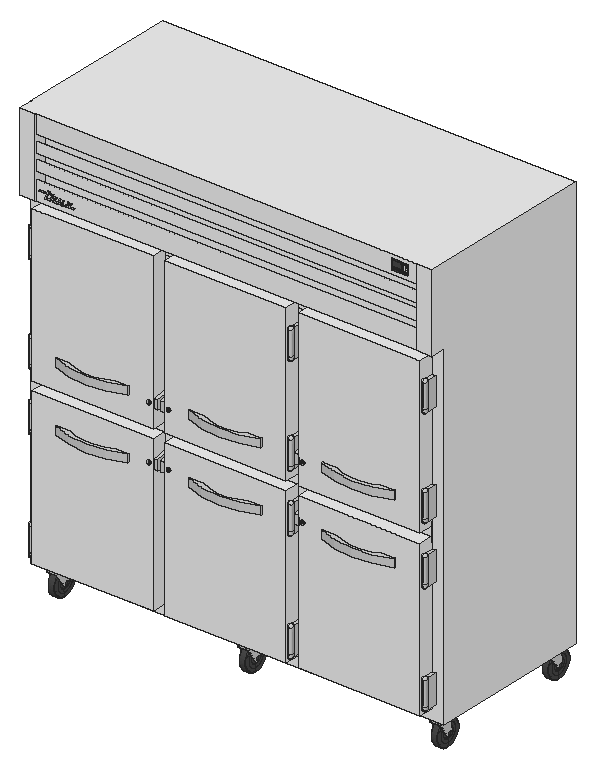
Revit family (continued)
Forms (in)
  Blend 98, solid, material "QF_Finishes_Handrails and Railings"
    base sketch origin (77.78125, 0, 70.99755) x (-1, 0, 0) y (0, 0, -1)
      loop
        line (25.25, 38.99169) -> (25.25, 37.24169) -> (26, 37.24169) -> (26, 38.99169) -> (25.25, 38.99169)
    top sketch origin (77.78125, 0, 70.99755) x (-1, 0, 0) y (0, 0, -1)
      loop
        line (26.18223, 36.6441) -> (26.18223, 39.42643) -> (25.25, 39.42643) -> (25.25, 36.6441) -> (26.18223, 36.6441)
    from 33.57883 to 31
  Extrusion 99, solid, material "QF_Finishes_Chrome - Satin"
    sketch origin (2.25, 0, 0) x (0, -1, 0) y (0, 0, -1)
      loop
        line (31, -39.875) -> (31, -36.125) -> (30, -36.125) -> (30, -39.875) -> (31, -39.875)
    from 0 to 73.25
Cuts and joins
  joined: Extrusion 1, Extrusion 2, Extrusion 3, Extrusion 4, Extrusion 5
  joined: Extrusion 57, Extrusion 99
Lines and regions (in)
  symbolic lines, style "SpecialityEquipmentHiddenLines", visible <- "Show Casters"
    curve 1: line (3.82597, -0.4208, 0) -> (5.12501, -1.1708, 0)
    curve 2: line (1.20097, -4.96743, 0) -> (3.82597, -0.4208, 0)
    curve 3: line (2.50001, -5.71743, 0) -> (1.20097, -4.96743, 0)
    curve 4: line (5.12501, -1.1708, 0) -> (2.50001, -5.71743, 0)
    curve 5: line (75.13222, -0.4208, 0) -> (76.43126, -1.1708, 0)
    curve 6: line (72.50722, -4.96743, 0) -> (75.13222, -0.4208, 0)
    curve 7: line (73.80626, -5.71743, 0) -> (72.50722, -4.96743, 0)
    curve 8: line (76.43126, -1.1708, 0) -> (73.80626, -5.71743, 0)
    curve 9: line (3.82597, -24.4208, 0) -> (5.12501, -25.1708, 0)
    curve 10: line (1.20097, -28.96743, 0) -> (3.82597, -24.4208, 0)
    curve 11: line (2.50001, -29.71743, 0) -> (1.20097, -28.96743, 0)
    curve 12: line (5.12501, -25.1708, 0) -> (2.50001, -29.71743, 0)
    curve 13: line (75.13222, -24.52487, 0) -> (76.43126, -25.27487, 0)
    curve 14: line (72.50722, -29.07151, 0) -> (75.13222, -24.52487, 0)
    curve 15: line (73.80626, -29.82151, 0) -> (72.50722, -29.07151, 0)
    curve 16: line (76.43126, -25.27487, 0) -> (73.80626, -29.82151, 0)
    curve 28: line (38.94472, -0.4208, 0) -> (40.24376, -1.1708, 0)
    curve 29: line (36.31972, -4.96743, 0) -> (38.94472, -0.4208, 0)
    curve 30: line (37.61876, -5.71743, 0) -> (36.31972, -4.96743, 0)
    curve 31: line (40.24376, -1.1708, 0) -> (37.61876, -5.71743, 0)
    curve 32: line (38.94472, -24.52487, 0) -> (40.24376, -25.27487, 0)
    curve 33: line (36.31972, -29.07151, 0) -> (38.94472, -24.52487, 0)
    curve 34: line (37.61876, -29.82151, 0) -> (36.31972, -29.07151, 0)
    curve 35: line (40.24376, -25.27487, 0) -> (37.61876, -29.82151, 0)
  symbolic lines, style "QF-Door Swings", visible <- "Show Clearance", detail levels coarse
    curve 17: line (50.21875, -33.75, 0) -> (50.21875, -56.71875, 0)
    curve 18: arc (50.21875, -56.71875, 0) -> (33.97739, -49.99136, 0) -> (27.25, -33.75, 0) r 22.96875
    curve 19: line (2.25, -33.75, 0) -> (2.25, -56.71875, 0)
    curve 20: arc (2.25, -56.71875, 0) -> (18.49136, -49.99136, 0) -> (25.21875, -33.75, 0) r 22.96875
    curve 26: line (75.5, -33.75, 0) -> (75.5, -56.71875, 0)
    curve 27: arc (75.5, -56.71875, 0) -> (59.25864, -49.99136, 0) -> (52.53125, -33.75, 0) r 22.96875
  symbolic lines
    curve 21: line (0, 0, 0) -> (77.75, 0, 0)
    curve 22: line (0, -33.75, 0) -> (0, 0, 0)
    curve 23: line (77.75, -33.75, 0) -> (0, -33.75, 0)
    curve 24: line (77.75, 0, 0) -> (77.75, -33.75, 0)
    curve 25: line (77.75, -31.5, 0) -> (0, -31.5, 0)
    curve 36: arc (6.99604, -33.95, 0) -> (13.79604, -35.39405, 0) -> (20.59604, -33.95, 0) r 16.7325
    curve 37: line (6.99604, -33.75, 0) -> (6.99604, -33.95, 0)
    curve 38: arc (18.19604, -33.75, 0) -> (13.79604, -34.90816, 0) -> (9.39604, -33.75, 0) r 8.93715
    curve 39: line (20.59604, -33.95, 0) -> (20.59604, -33.75, 0)
    curve 40: arc (32.15396, -33.95, 0) -> (38.95396, -35.39405, 0) -> (45.75396, -33.95, 0) r 16.7325
    curve 41: line (32.15396, -33.75, 0) -> (32.15396, -33.95, 0)
    curve 42: arc (43.35396, -33.75, 0) -> (38.95396, -34.90816, 0) -> (34.55396, -33.75, 0) r 8.93715
    curve 43: line (45.75396, -33.95, 0) -> (45.75396, -33.75, 0)
    curve 44: arc (57.18521, -33.95, 0) -> (63.98521, -35.39405, 0) -> (70.78521, -33.95, 0) r 16.7325
    curve 45: line (57.18521, -33.75, 0) -> (57.18521, -33.95, 0)
    curve 46: arc (68.38521, -33.75, 0) -> (63.98521, -34.90816, 0) -> (59.58521, -33.75, 0) r 8.93715
    curve 47: line (70.78521, -33.95, 0) -> (70.78521, -33.75, 0)
Dimensions and locks (in)
  "Depth": plane 5 "FRONT" to plane 1 "BACK"
  plane 7 to level = 6 1/8"
  plane 6 "TOP" to level = 84 1/8"
  plane 6 "TOP" to plane 7 = 78"
  cut or joined group of Extrusion 1, Extrusion 2, Extrusion 3, Extrusion 4, Extrusion 5 to cut or joined group of Extrusion 1, Extrusion 2, Extrusion 3, Extrusion 4, Extrusion 5 = 31"
  "Length": plane 3 "LEFT" to plane 4 "RIGHT"
  plane 4 "RIGHT" to plane 3 "LEFT" = 77 3/4"
  locked: cut or joined group of Extrusion 1, Extrusion 2, Extrusion 3, Extrusion 4, Extrusion 5 to cut or joined group of Extrusion 1, Extrusion 2, Extrusion 3, Extrusion 4, Extrusion 5 at 2.8125
  locked: cut or joined group of Extrusion 1, Extrusion 2, Extrusion 3, Extrusion 4, Extrusion 5 to cut or joined group of Extrusion 1, Extrusion 2, Extrusion 3, Extrusion 4, Extrusion 5 at 2.96875
  equal spacing: plane 3 "LEFT", plane 9, plane 4 "RIGHT"
  Extrusion 21 sketch curve to plane 3 "LEFT" = 2 9/32"
  plane 4 "RIGHT" to Extrusion 21 sketch curve = 2 9/32"
  Extrusion 21 to Extrusion 21 = 22 15/16"  (x3)
  Extrusion 21 to plane 3 "LEFT" = 2 9/32"
  plane 4 "RIGHT" to Extrusion 21 = 2 9/32"
  Extrusion 71 to Extrusion 21 = 4 3/32"
  Extrusion 21 to Extrusion 93 = 4 3/32"
  Extrusion 87 to Extrusion 21 = 4 3/32"
  Extrusion 21 to Extrusion 94 = 4 3/32"
  Extrusion 88 to Extrusion 21 = 4 3/32"
  Extrusion 21 to Extrusion 95 = 4 3/32"
  aligned and locked: level to plane 2
Automatic sketch dimensions
  curve 25 to plane 3 "LEFT" = 0"
  plane 5 "FRONT" to curve 19 = 0"
  plane 1 "BACK" to curve 24 = 0"
  curve 24 to plane 4 "RIGHT" = 0"
  plane 3 "LEFT" to curve 10 = 1.20097"
  plane 3 "LEFT" to curve 2 = 1.20097"
  plane 3 "LEFT" to curve 19 = 2 1/4"
  curve 2 to curve 3 = 1.29904"
  curve 10 to curve 12 = 1.29904"
  plane 3 "LEFT" to curve 9 = 3.82597"
  plane 1 "BACK" to curve 2 = 0.4208"
  plane 3 "LEFT" to curve 2 = 3.82597"
  plane 5 "FRONT" to curve 36 = 0.2"
  curve 19 to curve 36 = 4.74604"
  curve 37 to curve 38 = 2.4"
  curve 38 to curve 38 = 4.4"
  curve 36 to curve 38 = 0"
  curve 38 to curve 39 = 2.4"
  curve 39 to curve 20 = 4.62271"
  curve 20 to curve 18 = 2 1/32"
  curve 18 to curve 41 = 4.90396"
  curve 41 to curve 42 = 2.4"
  curve 29 to plane 9 = 2.55528"
  curve 33 to plane 9 = 2.55528"
  plane 9 to curve 40 = 0.07896"
  plane 9 to curve 42 = 0.07896"
  curve 34 to plane 9 = 1.25624"
  curve 31 to plane 9 = 1.25624"
  plane 9 to curve 29 = 0.06972"
  plane 9 to curve 33 = 0.06972"
  curve 42 to curve 43 = 2.4"
  plane 9 to curve 17 = 11 11/32"
  curve 17 to curve 27 = 2 5/16"
  plane 5 "FRONT" to curve 45 = 0.2"
  curve 27 to curve 45 = 4.65396"
  curve 45 to curve 46 = 2.4"
  curve 46 to curve 44 = 4.4"
  curve 46 to curve 44 = 0"
  plane 5 "FRONT" to curve 47 = 0.2"
  curve 6 to plane 4 "RIGHT" = 5.24278"
  curve 15 to plane 4 "RIGHT" = 5.24278"
  curve 6 to curve 7 = 1.29904"
  curve 14 to curve 15 = 1.29904"
  curve 13 to plane 4 "RIGHT" = 2.61778"
  plane 1 "BACK" to curve 6 = 0.4208"
  curve 6 to plane 4 "RIGHT" = 2.61778"
  curve 26 to plane 4 "RIGHT" = 2 1/4"
  curve 43 to curve 43 = 0.2"
  curve 25 to plane 5 "FRONT" = 2 1/4"
  curve 15 to plane 5 "FRONT" = 3.92849"
  curve 34 to plane 5 "FRONT" = 3.92849"
  curve 25 to curve 12 = 1.78257"
  curve 15 to curve 15 = 3/4"
  curve 34 to curve 34 = 3/4"
  curve 11 to curve 11 = 3/4"
  curve 42 to curve 32 = 1.44614"
  curve 38 to plane 5 "FRONT" = 7.77899"
  curve 46 to plane 5 "FRONT" = 7.77899"
  curve 38 to curve 36 = 7.30945"
  curve 32 to curve 40 = 5.86332"
  curve 46 to curve 44 = 7.30945"
  curve 3 to curve 1 = 5.29663"
  curve 7 to curve 5 = 5.29663"
  plane 1 "BACK" to curve 30 = 5.71743"
  curve 30 to curve 30 = 3/4"
  Extrusion 1 sketch curve to plane 3 "LEFT" = 0"
  plane 1 "BACK" to Extrusion 1 sketch curve = 0"
  Extrusion 1 sketch curve to Extrusion 1 sketch curve = 2 1/4"
  Extrusion 1 sketch curve to plane 5 "FRONT" = 2 3/4"
  plane 1 "BACK" to Extrusion 2 sketch curve = 0"
  Extrusion 2 sketch curve to plane 4 "RIGHT" = 0"
  Extrusion 2 sketch curve to plane 4 "RIGHT" = 2 1/4"
  Extrusion 2 sketch curve to plane 5 "FRONT" = 2 3/4"
  Extrusion 3 sketch curve to plane 8 = 0"  (x4)
  Extrusion 3 sketch curve to plane 6 "TOP" = 0"
  plane 8 to Extrusion 3 sketch curve = 2.2042"
  Extrusion 3 sketch curve to Extrusion 3 sketch curve = 0"  (x2)
  Extrusion 3 sketch curve to plane 7 = 0"
  plane 8 to Extrusion 3 sketch curve = 2.7042"
  Extrusion 3 sketch curve to Extrusion 3 sketch curve = 1/2"
  plane 1 "BACK" to Extrusion 3 sketch curve = 2"
  plane 1 "BACK" to Extrusion 3 sketch curve = 0"
  plane 7 to Extrusion 3 sketch curve = 3.86127"
  Extrusion 3 sketch curve to plane 6 "TOP" = 17 5/32"
  Extrusion 3 sketch curve to Extrusion 3 sketch curve = 2 17/32"
  Extrusion 3 sketch curve to Extrusion 3 sketch curve = 2 1/8"
  Extrusion 3 sketch curve to Extrusion 3 sketch curve = 1.27557"  (x2)
  Extrusion 3 sketch curve to Extrusion 3 sketch curve = 0.29169"
  Extrusion 3 sketch curve to Extrusion 3 sketch curve = 2.0962"  (x2)
  Extrusion 3 sketch curve to Extrusion 3 sketch curve = 0.96076"  (x2)
  Extrusion 3 sketch curve to Extrusion 3 sketch curve = 2.13371"  (x2)
  Extrusion 3 sketch curve to Extrusion 3 sketch curve = 1.12227"  (x2)
  plane 5 "FRONT" to Extrusion 4 sketch curve = 0"
  Extrusion 4 sketch curve to plane 4 "RIGHT" = 2.96468"
  plane 4 "RIGHT" to Extrusion 4 sketch curve = 0.00407"
  Extrusion 4 sketch curve to plane 5 "FRONT" = 2 3/4"
  plane 5 "FRONT" to Extrusion 5 sketch curve = 0"
  plane 3 "LEFT" to Extrusion 5 sketch curve = 0.11609"
  Extrusion 5 sketch curve to Extrusion 5 sketch curve = 2 13/16"
  Extrusion 5 sketch curve to plane 5 "FRONT" = 2 3/4"
  Extrusion 6 sketch curve to plane 4 "RIGHT" = 3 3/32"
  Extrusion 6 sketch curve to plane 6 "TOP" = 2 1/8"
  Extrusion 7 sketch curve to plane 7 = 0.63926"  (x2)
  Extrusion 7 sketch curve to plane 5 "FRONT" = 3.79864"
  Extrusion 7 sketch curve to Extrusion 7 sketch curve = 1/4"  (x2)
  level to Extrusion 7 sketch curve = 2.18736"  (x2)
  Extrusion 7 sketch curve to Extrusion 7 sketch curve = 1.7492"
  Extrusion 7 sketch curve to Extrusion 7 sketch curve = 0.50669"  (x2)
  Extrusion 7 sketch curve to Extrusion 7 sketch curve = 2 1/2"
  level to Extrusion 7 sketch curve = 2.59003"
  Extrusion 7 sketch curve to Extrusion 7 sketch curve = 0.59966"  (x2)
  plane 1 "BACK" to Extrusion 7 sketch curve = 3.8577"
  plane 1 "BACK" to Extrusion 7 sketch curve = 1.8585"
  plane 1 "BACK" to Extrusion 7 sketch curve = 1.1077"
  Extrusion 7 sketch curve to Extrusion 7 sketch curve = 0.32905"
  Extrusion 7 sketch curve to Extrusion 7 sketch curve = 0.60485"  (x2)
  Extrusion 8 sketch curve to plane 7 = 0.63926"  (x2)
  Extrusion 8 sketch curve to plane 5 "FRONT" = 3.79864"
  Extrusion 8 sketch curve to Extrusion 8 sketch curve = 1/4"  (x2)
  level to Extrusion 8 sketch curve = 2.18736"  (x2)
  Extrusion 8 sketch curve to Extrusion 8 sketch curve = 1.7492"
  Extrusion 8 sketch curve to Extrusion 8 sketch curve = 0.50669"  (x2)
  Extrusion 8 sketch curve to Extrusion 8 sketch curve = 2 1/2"
  level to Extrusion 8 sketch curve = 2.59003"
  Extrusion 8 sketch curve to Extrusion 8 sketch curve = 0.59966"  (x2)
  plane 1 "BACK" to Extrusion 8 sketch curve = 3.8577"
  plane 1 "BACK" to Extrusion 8 sketch curve = 1.8585"
  plane 1 "BACK" to Extrusion 8 sketch curve = 1.1077"
  Extrusion 8 sketch curve to Extrusion 8 sketch curve = 0.32905"
  Extrusion 8 sketch curve to Extrusion 8 sketch curve = 0.60485"  (x2)
  Revolve 9 sketch curve to level = 0"
  Revolve 9 sketch curve to plane 7 = 0"
  Revolve 9 sketch curve to plane 4 "RIGHT" = 4.02088"
  level to Revolve 9 sketch curve = 1"
  Revolve 9 sketch curve to plane 4 "RIGHT" = 3 7/16"
  Revolve 9 sketch curve to Revolve 9 sketch curve = 1/4"
  Revolve 9 sketch curve to Revolve 9 sketch curve = 1/2"
  Revolve 9 sketch curve to Revolve 9 sketch curve = 0"
  Revolve 9 sketch curve to Revolve 9 sketch curve = 5/8"
  plane 7 to Revolve 9 sketch curve = 1 25/32"
  Revolve 10 sketch curve to plane 7 = 0.62954"
  Revolve 10 sketch curve to plane 4 "RIGHT" = 3.98457"
  Revolve 10 sketch curve to Revolve 10 sketch curve = 1.29707"
  Revolve 10 sketch curve to Revolve 10 sketch curve = 0"
  Revolve 10 sketch curve to Revolve 10 sketch curve = 0.10278"
  Revolve 10 sketch curve to plane 7 = 0.00141"
  plane 7 to Revolve 10 sketch curve = 0.26768"
  Extrusion 11 sketch curve to plane 7 = 0.63926"  (x2)
  Extrusion 11 sketch curve to plane 5 "FRONT" = 3.79864"
  Extrusion 11 sketch curve to Extrusion 11 sketch curve = 1/4"  (x2)
  Extrusion 11 sketch curve to Extrusion 11 sketch curve = 2 1/2"
  Extrusion 11 sketch curve to plane 7 = 0.93273"  (x2)
  Extrusion 11 sketch curve to Extrusion 11 sketch curve = 0.03603"
  plane 1 "BACK" to Extrusion 11 sketch curve = 3.8577"
  Extrusion 11 sketch curve to plane 7 = 1.24411"
  plane 1 "BACK" to Extrusion 11 sketch curve = 1.1077"
  Revolve 12 sketch curve to plane 4 "RIGHT" = 4.19523"
  Revolve 12 sketch curve to Revolve 12 sketch curve = 0.48273"
  Revolve 12 sketch curve to Revolve 12 sketch curve = 0.4"
  Revolve 12 sketch curve to Revolve 12 sketch curve = 0"  (x2)
  Revolve 12 sketch curve to Revolve 12 sketch curve = 0.1"  (x2)
  Revolve 12 sketch curve to Revolve 12 sketch curve = 0.16101"
  Revolve 12 sketch curve to Revolve 12 sketch curve = 0.75408"
  Revolve 12 sketch curve to Revolve 12 sketch curve = 0.92798"
  Revolve 12 sketch curve to Revolve 12 sketch curve = 0.06101"
  Revolve 12 sketch curve to Revolve 12 sketch curve = 1/2"
  Revolve 12 sketch curve to Revolve 12 sketch curve = 0.16509"
  Revolve 12 sketch curve to Revolve 12 sketch curve = 0.39592"
  level to Revolve 12 sketch curve = 2 1/2"
  Revolve 12 sketch curve to Revolve 12 sketch curve = 0.29941"  (x2)
  Revolve 12 sketch curve to Revolve 12 sketch curve = 3/4"  (x4)
  Revolve 12 sketch curve to Revolve 12 sketch curve = 0.59652"
  Revolve 12 sketch curve to Revolve 12 sketch curve = 0.60059"
  Extrusion 13 sketch curve to plane 7 = 0.63926"  (x2)
  Extrusion 13 sketch curve to plane 5 "FRONT" = 3.79864"
  Extrusion 13 sketch curve to Extrusion 13 sketch curve = 1/4"  (x2)
  level to Extrusion 13 sketch curve = 2.18736"  (x2)
  Extrusion 13 sketch curve to Extrusion 13 sketch curve = 1.7492"
  Extrusion 13 sketch curve to Extrusion 13 sketch curve = 0.50669"  (x2)
  Extrusion 13 sketch curve to Extrusion 13 sketch curve = 2 1/2"
  level to Extrusion 13 sketch curve = 2.59003"
  Extrusion 13 sketch curve to Extrusion 13 sketch curve = 0.59966"  (x2)
  plane 1 "BACK" to Extrusion 13 sketch curve = 3.8577"
  plane 1 "BACK" to Extrusion 13 sketch curve = 1.8585"
  plane 1 "BACK" to Extrusion 13 sketch curve = 1.1077"
  Extrusion 13 sketch curve to Extrusion 13 sketch curve = 0.32905"
  Extrusion 13 sketch curve to Extrusion 13 sketch curve = 0.60485"  (x2)
  Extrusion 14 sketch curve to plane 7 = 0.63926"  (x2)
  Extrusion 14 sketch curve to plane 5 "FRONT" = 3.79864"
  Extrusion 14 sketch curve to Extrusion 14 sketch curve = 1/4"  (x2)
  level to Extrusion 14 sketch curve = 2.18736"  (x2)
  Extrusion 14 sketch curve to Extrusion 14 sketch curve = 1.7492"
  Extrusion 14 sketch curve to Extrusion 14 sketch curve = 0.50669"  (x2)
  Extrusion 14 sketch curve to Extrusion 14 sketch curve = 2 1/2"
  level to Extrusion 14 sketch curve = 2.59003"
  Extrusion 14 sketch curve to Extrusion 14 sketch curve = 0.59966"  (x2)
  plane 1 "BACK" to Extrusion 14 sketch curve = 3.8577"
  plane 1 "BACK" to Extrusion 14 sketch curve = 1.8585"
  plane 1 "BACK" to Extrusion 14 sketch curve = 1.1077"
  Extrusion 14 sketch curve to Extrusion 14 sketch curve = 0.32905"
  Extrusion 14 sketch curve to Extrusion 14 sketch curve = 0.60485"  (x2)
  Revolve 15 sketch curve to level = 0"
  Revolve 15 sketch curve to plane 7 = 0"
  plane 3 "LEFT" to Revolve 15 sketch curve = 1.51037"
  level to Revolve 15 sketch curve = 1"
  plane 3 "LEFT" to Revolve 15 sketch curve = 2 3/32"
  Revolve 15 sketch curve to Revolve 15 sketch curve = 1/4"
  Revolve 15 sketch curve to Revolve 15 sketch curve = 1/2"
  Revolve 15 sketch curve to Revolve 15 sketch curve = 0"
  Revolve 15 sketch curve to Revolve 15 sketch curve = 5/8"
  plane 7 to Revolve 15 sketch curve = 1 25/32"
  Revolve 16 sketch curve to plane 7 = 0.62954"
  plane 3 "LEFT" to Revolve 16 sketch curve = 1.54668"
  Revolve 16 sketch curve to Revolve 16 sketch curve = 1.29707"
  Revolve 16 sketch curve to Revolve 16 sketch curve = 0"
  Revolve 16 sketch curve to Revolve 16 sketch curve = 0.10278"
  Revolve 16 sketch curve to plane 7 = 0.00141"
  plane 7 to Revolve 16 sketch curve = 0.26768"
  Extrusion 17 sketch curve to plane 7 = 0.63926"  (x2)
  Extrusion 17 sketch curve to plane 5 "FRONT" = 3.79864"
  Extrusion 17 sketch curve to Extrusion 17 sketch curve = 1/4"  (x2)
  Extrusion 17 sketch curve to Extrusion 17 sketch curve = 2 1/2"
  Extrusion 17 sketch curve to plane 7 = 0.93273"  (x2)
  Extrusion 17 sketch curve to Extrusion 17 sketch curve = 0.03603"
  plane 1 "BACK" to Extrusion 17 sketch curve = 3.8577"
  Extrusion 17 sketch curve to plane 7 = 1.24411"
  plane 1 "BACK" to Extrusion 17 sketch curve = 1.1077"
  plane 3 "LEFT" to Revolve 18 sketch curve = 1.33602"
  Revolve 18 sketch curve to Revolve 18 sketch curve = 0.48273"
  Revolve 18 sketch curve to Revolve 18 sketch curve = 0.4"
  Revolve 18 sketch curve to Revolve 18 sketch curve = 0"  (x2)
  Revolve 18 sketch curve to Revolve 18 sketch curve = 0.1"  (x2)
  Revolve 18 sketch curve to Revolve 18 sketch curve = 0.16101"
  Revolve 18 sketch curve to Revolve 18 sketch curve = 0.75408"
  Revolve 18 sketch curve to Revolve 18 sketch curve = 0.92798"
  Revolve 18 sketch curve to Revolve 18 sketch curve = 0.06101"
  Revolve 18 sketch curve to Revolve 18 sketch curve = 1/2"
  Revolve 18 sketch curve to Revolve 18 sketch curve = 0.16509"
  Revolve 18 sketch curve to Revolve 18 sketch curve = 0.39592"
  level to Revolve 18 sketch curve = 2 1/2"
  Revolve 18 sketch curve to Revolve 18 sketch curve = 0.29941"  (x2)
  Revolve 18 sketch curve to Revolve 18 sketch curve = 3/4"  (x4)
  Revolve 18 sketch curve to Revolve 18 sketch curve = 0.59652"
  Revolve 18 sketch curve to Revolve 18 sketch curve = 0.60059"
  plane 3 "LEFT" to Extrusion 19 sketch curve = 2 27/32"
  plane 1 "BACK" to Extrusion 19 sketch curve = 2.69102"
  Extrusion 20 sketch curve to plane 4 "RIGHT" = 2 11/16"
  plane 1 "BACK" to Extrusion 20 sketch curve = 2.69102"
  plane 3 "LEFT" to Extrusion 21 sketch curve = 2 9/32"
  Extrusion 21 sketch curve to Extrusion 21 sketch curve = 0"  (x6)
  Extrusion 21 sketch curve to Extrusion 21 sketch curve = 2 1/16"  (x2)
  plane 9 to Extrusion 21 sketch curve = 11 11/32"
  Extrusion 21 sketch curve to Extrusion 21 sketch curve = 2 5/16"  (x2)
  plane 7 to Extrusion 21 sketch curve = 1 29/32"  (x3)
  Extrusion 21 sketch curve to Extrusion 21 sketch curve = 29 3/32"  (x2)
  Extrusion 21 sketch curve to Extrusion 21 sketch curve = 1 3/4"  (x3)
  Extrusion 21 sketch curve to plane 6 "TOP" = 16 5/32"
  plane 3 "LEFT" to Extrusion 22 sketch curve = 3.68957"
  Extrusion 22 sketch curve to Extrusion 22 sketch curve = 0.10565"  (x5)
  Extrusion 22 sketch curve to Extrusion 22 sketch curve = 1.03891"
  Extrusion 22 sketch curve to Extrusion 22 sketch curve = 0.04606"
  Extrusion 22 sketch curve to Extrusion 22 sketch curve = 0.04025"
  Extrusion 22 sketch curve to Extrusion 22 sketch curve = 0.33624"
  Extrusion 22 sketch curve to Extrusion 22 sketch curve = 0.03034"  (x2)
  Extrusion 22 sketch curve to Extrusion 22 sketch curve = 0.29274"
  Extrusion 22 sketch curve to Extrusion 22 sketch curve = 0.03232"
  Extrusion 22 sketch curve to Extrusion 22 sketch curve = 0.08083"
  Extrusion 22 sketch curve to Extrusion 22 sketch curve = 0.1527"
  Extrusion 22 sketch curve to Extrusion 22 sketch curve = 0.19721"
  Extrusion 22 sketch curve to Extrusion 22 sketch curve = 0.4629"
  Extrusion 22 sketch curve to Extrusion 22 sketch curve = 0.02197"
  Extrusion 22 sketch curve to Extrusion 22 sketch curve = 0.12632"
  Extrusion 22 sketch curve to Extrusion 22 sketch curve = 0.18591"
  Extrusion 22 sketch curve to Extrusion 22 sketch curve = 0.2322"
  Extrusion 22 sketch curve to Extrusion 22 sketch curve = 0.13786"
  Extrusion 22 sketch curve to Extrusion 22 sketch curve = 0.00907"
  Extrusion 22 sketch curve to Extrusion 22 sketch curve = 0.01413"
  Extrusion 22 sketch curve to Extrusion 22 sketch curve = 0.37162"
  Extrusion 22 sketch curve to Extrusion 22 sketch curve = 0.12551"
  Extrusion 22 sketch curve to Extrusion 22 sketch curve = 0.07633"
  Extrusion 22 sketch curve to Extrusion 22 sketch curve = 0.08445"
  Extrusion 22 sketch curve to Extrusion 22 sketch curve = 0.25598"
  Extrusion 22 sketch curve to Extrusion 22 sketch curve = 0.01887"
  Extrusion 22 sketch curve to Extrusion 22 sketch curve = 0.04061"
  Extrusion 22 sketch curve to Extrusion 22 sketch curve = 0.0653"
  Extrusion 22 sketch curve to Extrusion 22 sketch curve = 0.08474"
  Extrusion 22 sketch curve to Extrusion 22 sketch curve = 0.00815"
  Extrusion 22 sketch curve to Extrusion 22 sketch curve = 0.22037"
  Extrusion 22 sketch curve to Extrusion 22 sketch curve = 0.21921"
  Extrusion 22 sketch curve to Extrusion 22 sketch curve = 0.11572"
  Extrusion 22 sketch curve to Extrusion 22 sketch curve = 0.46643"
  Extrusion 22 sketch curve to Extrusion 22 sketch curve = 0.00535"
  Extrusion 22 sketch curve to Extrusion 22 sketch curve = 0.09269"
  Extrusion 22 sketch curve to Extrusion 22 sketch curve = 0.09348"
  Extrusion 22 sketch curve to Extrusion 22 sketch curve = 0.14812"
  Extrusion 22 sketch curve to Extrusion 22 sketch curve = 0.07778"  (x3)
  Extrusion 22 sketch curve to Extrusion 22 sketch curve = 0.20054"
  Extrusion 22 sketch curve to Extrusion 22 sketch curve = 0.04325"
  Extrusion 22 sketch curve to Extrusion 22 sketch curve = 0.32433"
  Extrusion 22 sketch curve to Extrusion 22 sketch curve = 0.10233"  (x2)
  Extrusion 22 sketch curve to Extrusion 22 sketch curve = 0.16515"
  Extrusion 22 sketch curve to Extrusion 22 sketch curve = 0.27321"
  Extrusion 22 sketch curve to Extrusion 22 sketch curve = 0.0526"
  Extrusion 22 sketch curve to Extrusion 22 sketch curve = 0.10005"
  Extrusion 22 sketch curve to Extrusion 22 sketch curve = 0.06912"
  Extrusion 22 sketch curve to Extrusion 22 sketch curve = 0.13276"
  Extrusion 22 sketch curve to Extrusion 22 sketch curve = 0.17486"
  Extrusion 22 sketch curve to Extrusion 22 sketch curve = 0.05291"
  Extrusion 22 sketch curve to Extrusion 22 sketch curve = 0.53374"
  Extrusion 22 sketch curve to Extrusion 22 sketch curve = 0.09914"  (x2)
  Extrusion 22 sketch curve to Extrusion 22 sketch curve = 0.15992"
  Extrusion 22 sketch curve to Extrusion 22 sketch curve = 0.46666"
  Extrusion 22 sketch curve to Extrusion 22 sketch curve = 0.00582"
  Extrusion 22 sketch curve to Extrusion 22 sketch curve = 0.08216"
  Extrusion 22 sketch curve to Extrusion 22 sketch curve = 0.16397"
  Extrusion 22 sketch curve to Extrusion 22 sketch curve = 0.12601"
  Extrusion 22 sketch curve to Extrusion 22 sketch curve = 0.1363"
  Extrusion 22 sketch curve to Extrusion 22 sketch curve = 0.02323"
  Extrusion 22 sketch curve to Extrusion 22 sketch curve = 0.03844"
  Extrusion 22 sketch curve to Extrusion 22 sketch curve = 0.0454"
  Extrusion 22 sketch curve to Extrusion 22 sketch curve = 0.05693"
  Extrusion 22 sketch curve to Extrusion 22 sketch curve = 0.0917"
  Extrusion 22 sketch curve to Extrusion 22 sketch curve = 0.01902"
  Extrusion 22 sketch curve to Extrusion 22 sketch curve = 0.02191"
  Extrusion 22 sketch curve to Extrusion 22 sketch curve = 0.0347"
  Extrusion 22 sketch curve to Extrusion 22 sketch curve = 0.06385"
  Extrusion 22 sketch curve to Extrusion 22 sketch curve = 0.02906"
  Extrusion 22 sketch curve to Extrusion 22 sketch curve = 0.02851"
  Extrusion 22 sketch curve to Extrusion 22 sketch curve = 0.29237"
  Extrusion 22 sketch curve to Extrusion 22 sketch curve = 0.00537"
  Extrusion 22 sketch curve to Extrusion 22 sketch curve = 0.0406"
  Extrusion 22 sketch curve to Extrusion 22 sketch curve = 0.04327"
  Extrusion 22 sketch curve to Extrusion 22 sketch curve = 0.02615"
  Extrusion 22 sketch curve to Extrusion 22 sketch curve = 0.11806"
  Extrusion 22 sketch curve to Extrusion 22 sketch curve = 0.15103"
  Extrusion 22 sketch curve to Extrusion 22 sketch curve = 0.10007"
  Extrusion 22 sketch curve to Extrusion 22 sketch curve = 0.5254"
  Extrusion 22 sketch curve to Extrusion 22 sketch curve = 0.14787"
  Extrusion 22 sketch curve to plane 6 "TOP" = 13.64562"
  Extrusion 22 sketch curve to Extrusion 22 sketch curve = 0.07275"
  Extrusion 22 sketch curve to Extrusion 22 sketch curve = 0.05776"
  Extrusion 22 sketch curve to Extrusion 22 sketch curve = 0.08631"
  Extrusion 22 sketch curve to Extrusion 22 sketch curve = 0.09282"
  Extrusion 22 sketch curve to Extrusion 22 sketch curve = 0.13018"
  Extrusion 22 sketch curve to Extrusion 22 sketch curve = 0.16714"
  Extrusion 22 sketch curve to Extrusion 22 sketch curve = 0.11061"
  Extrusion 22 sketch curve to Extrusion 22 sketch curve = 0.06046"
  Extrusion 22 sketch curve to Extrusion 22 sketch curve = 0.16548"
  Extrusion 22 sketch curve to Extrusion 22 sketch curve = 0.14279"
  Extrusion 22 sketch curve to Extrusion 22 sketch curve = 0.0496"
  Extrusion 22 sketch curve to Extrusion 22 sketch curve = 0.07293"
  Extrusion 22 sketch curve to Extrusion 22 sketch curve = 0.07764"
  Extrusion 22 sketch curve to Extrusion 22 sketch curve = 0.03794"
  Extrusion 22 sketch curve to Extrusion 22 sketch curve = 0.08552"
  Extrusion 22 sketch curve to Extrusion 22 sketch curve = 0.09296"
  Extrusion 22 sketch curve to Extrusion 22 sketch curve = 0.09314"
  Extrusion 22 sketch curve to Extrusion 22 sketch curve = 0.02781"
  Extrusion 22 sketch curve to Extrusion 22 sketch curve = 0.04981"
  Extrusion 22 sketch curve to Extrusion 22 sketch curve = 0.09315"
  Extrusion 22 sketch curve to Extrusion 22 sketch curve = 0.04799"
  Extrusion 22 sketch curve to Extrusion 22 sketch curve = 0.02531"
  Extrusion 22 sketch curve to Extrusion 22 sketch curve = 0.03054"
  Extrusion 22 sketch curve to Extrusion 22 sketch curve = 0.2589"
  Extrusion 22 sketch curve to Extrusion 22 sketch curve = 0.0674"
  Extrusion 22 sketch curve to Extrusion 22 sketch curve = 0.0324"
  Extrusion 22 sketch curve to Extrusion 22 sketch curve = 0.26185"
  Extrusion 22 sketch curve to Extrusion 22 sketch curve = 11/256"
  Extrusion 22 sketch curve to Extrusion 22 sketch curve = 0.07366"
  Extrusion 22 sketch curve to Extrusion 22 sketch curve = 0.02187"
  Extrusion 22 sketch curve to Extrusion 22 sketch curve = 0.06479"
  Extrusion 22 sketch curve to Extrusion 22 sketch curve = 0.01183"
  Extrusion 22 sketch curve to Extrusion 22 sketch curve = 0.05778"
  Extrusion 22 sketch curve to Extrusion 22 sketch curve = 0.53375"
  Extrusion 22 sketch curve to Extrusion 22 sketch curve = 0.23098"
  Extrusion 22 sketch curve to Extrusion 22 sketch curve = 0"
  Extrusion 22 sketch curve to Extrusion 22 sketch curve = 0.05045"
  Extrusion 22 sketch curve to Extrusion 22 sketch curve = 0.09139"
  Extrusion 22 sketch curve to Extrusion 22 sketch curve = 29/128"  (x3)
  Extrusion 23 sketch curve to plane 5 "FRONT" = 1/2"
  Extrusion 23 sketch curve to Extrusion 23 sketch curve = 0.43503"
  Extrusion 23 sketch curve to Extrusion 23 sketch curve = 0.20453"
  Extrusion 23 sketch curve to Extrusion 23 sketch curve = 1.61044"
  Extrusion 23 sketch curve to plane 6 "TOP" = 24.88873"
  Extrusion 23 sketch curve to Extrusion 23 sketch curve = 0.71221"
  Extrusion 23 sketch curve to Extrusion 23 sketch curve = 4.39928"
  Revolve 24 sketch curve to plane 5 "FRONT" = 0.07771"  (x2)
  Revolve 24 sketch curve to Revolve 24 sketch curve = 0.38242"
  Revolve 24 sketch curve to Revolve 24 sketch curve = 0.38436"
  Revolve 24 sketch curve to plane 5 "FRONT" = 31/64"
  Revolve 24 sketch curve to Revolve 24 sketch curve = 0.40666"
  Revolve 24 sketch curve to Revolve 24 sketch curve = 0"
  Revolve 24 sketch curve to plane 6 "TOP" = 25.07719"
  Revolve 24 sketch curve to Revolve 24 sketch curve = 0.32931"
  Revolve 24 sketch curve to Revolve 24 sketch curve = 0.51246"
  Revolve 24 sketch curve to Revolve 24 sketch curve = 0.05342"
  Revolve 24 sketch curve to Revolve 24 sketch curve = 4.42889"
  Revolve 24 sketch curve to Revolve 24 sketch curve = 0.04281"
  Revolve 24 sketch curve to Revolve 24 sketch curve = 0.18929"
  Revolve 24 sketch curve to Revolve 24 sketch curve = 0.55526"
  plane 3 "LEFT" to Extrusion 25 sketch curve = 1.88366"
  Extrusion 25 sketch curve to Extrusion 25 sketch curve = 0.39759"
  Extrusion 25 sketch curve to plane 6 "TOP" = 24.12421"
  Extrusion 25 sketch curve to Extrusion 25 sketch curve = 4.47281"
  Extrusion 26 sketch curve to plane 5 "FRONT" = 1/2"
  Extrusion 26 sketch curve to Extrusion 26 sketch curve = 0.43503"
  Extrusion 26 sketch curve to Extrusion 26 sketch curve = 0.20453"
  Extrusion 26 sketch curve to Extrusion 26 sketch curve = 1.61044"
  plane 7 to Extrusion 26 sketch curve = 34.61127"
  Extrusion 26 sketch curve to Extrusion 26 sketch curve = 0.71221"
  Extrusion 26 sketch curve to Extrusion 26 sketch curve = 4.39928"
  Revolve 27 sketch curve to plane 5 "FRONT" = 0.07771"  (x2)
  Revolve 27 sketch curve to Revolve 27 sketch curve = 0.38242"
  Revolve 27 sketch curve to Revolve 27 sketch curve = 0.38436"
  Revolve 27 sketch curve to plane 5 "FRONT" = 31/64"
  Revolve 27 sketch curve to Revolve 27 sketch curve = 0.40666"
  Revolve 27 sketch curve to Revolve 27 sketch curve = 0"
  plane 7 to Revolve 27 sketch curve = 34.42281"
  Revolve 27 sketch curve to Revolve 27 sketch curve = 0.32931"
  Revolve 27 sketch curve to Revolve 27 sketch curve = 0.51246"
  Revolve 27 sketch curve to Revolve 27 sketch curve = 0.05342"
  Revolve 27 sketch curve to Revolve 27 sketch curve = 4.42889"
  Revolve 27 sketch curve to Revolve 27 sketch curve = 0.04281"
  Revolve 27 sketch curve to Revolve 27 sketch curve = 0.18929"
  Revolve 27 sketch curve to Revolve 27 sketch curve = 0.55526"
  plane 3 "LEFT" to Extrusion 28 sketch curve = 1.88366"
  Extrusion 28 sketch curve to Extrusion 28 sketch curve = 0.39759"
  plane 7 to Extrusion 28 sketch curve = 35.37579"
  Extrusion 28 sketch curve to Extrusion 28 sketch curve = 4.47281"
  Extrusion 29 sketch curve to plane 5 "FRONT" = 1/2"
  Extrusion 29 sketch curve to Extrusion 29 sketch curve = 0.43503"
  Extrusion 29 sketch curve to Extrusion 29 sketch curve = 0.20453"
  Extrusion 29 sketch curve to Extrusion 29 sketch curve = 1.61044"
  plane 7 to Extrusion 29 sketch curve = 23.61127"
  Extrusion 29 sketch curve to Extrusion 29 sketch curve = 0.71221"
  Extrusion 29 sketch curve to Extrusion 29 sketch curve = 4.39928"
  Revolve 30 sketch curve to plane 5 "FRONT" = 0.07771"  (x2)
  Revolve 30 sketch curve to Revolve 30 sketch curve = 0.38242"
  Revolve 30 sketch curve to Revolve 30 sketch curve = 0.38436"
  Revolve 30 sketch curve to plane 5 "FRONT" = 31/64"
  Revolve 30 sketch curve to Revolve 30 sketch curve = 0.40666"
  Revolve 30 sketch curve to Revolve 30 sketch curve = 0"
  plane 7 to Revolve 30 sketch curve = 23.42281"
  Revolve 30 sketch curve to Revolve 30 sketch curve = 0.32931"
  Revolve 30 sketch curve to Revolve 30 sketch curve = 0.51246"
  Revolve 30 sketch curve to Revolve 30 sketch curve = 0.05342"
  Revolve 30 sketch curve to Revolve 30 sketch curve = 4.42889"
  Revolve 30 sketch curve to Revolve 30 sketch curve = 0.04281"
  Revolve 30 sketch curve to Revolve 30 sketch curve = 0.18929"
  Revolve 30 sketch curve to Revolve 30 sketch curve = 0.55526"
  plane 3 "LEFT" to Extrusion 31 sketch curve = 1.88366"
  Extrusion 31 sketch curve to Extrusion 31 sketch curve = 0.39759"
  plane 7 to Extrusion 31 sketch curve = 24.37579"
  Extrusion 31 sketch curve to Extrusion 31 sketch curve = 4.47281"
  Extrusion 32 sketch curve to plane 5 "FRONT" = 1/2"
  Extrusion 32 sketch curve to Extrusion 32 sketch curve = 0.43503"
  Extrusion 32 sketch curve to Extrusion 32 sketch curve = 0.20453"
  Extrusion 32 sketch curve to Extrusion 32 sketch curve = 1.61044"
  plane 7 to Extrusion 32 sketch curve = 2.86127"
  Extrusion 32 sketch curve to Extrusion 32 sketch curve = 0.71221"
  Extrusion 32 sketch curve to Extrusion 32 sketch curve = 4.39928"
  Revolve 33 sketch curve to plane 5 "FRONT" = 0.07771"  (x2)
  Revolve 33 sketch curve to Revolve 33 sketch curve = 0.38242"
  Revolve 33 sketch curve to Revolve 33 sketch curve = 0.38436"
  Revolve 33 sketch curve to plane 5 "FRONT" = 31/64"
  Revolve 33 sketch curve to Revolve 33 sketch curve = 0.40666"
  Revolve 33 sketch curve to Revolve 33 sketch curve = 0"
  plane 7 to Revolve 33 sketch curve = 2.67281"
  Revolve 33 sketch curve to Revolve 33 sketch curve = 0.32931"
  Revolve 33 sketch curve to Revolve 33 sketch curve = 0.51246"
  Revolve 33 sketch curve to Revolve 33 sketch curve = 0.05342"
  Revolve 33 sketch curve to Revolve 33 sketch curve = 4.42889"
  Revolve 33 sketch curve to Revolve 33 sketch curve = 0.04281"
  Revolve 33 sketch curve to Revolve 33 sketch curve = 0.18929"
  Revolve 33 sketch curve to Revolve 33 sketch curve = 0.55526"
  plane 3 "LEFT" to Extrusion 34 sketch curve = 1.88366"
  Extrusion 34 sketch curve to Extrusion 34 sketch curve = 0.39759"
  plane 7 to Extrusion 34 sketch curve = 3.62579"
  Extrusion 34 sketch curve to Extrusion 34 sketch curve = 4.47281"
  Extrusion 35 sketch curve to plane 5 "FRONT" = 1/2"
  Extrusion 35 sketch curve to Extrusion 35 sketch curve = 0.43503"
  Extrusion 35 sketch curve to Extrusion 35 sketch curve = 0.20453"
  Extrusion 35 sketch curve to Extrusion 35 sketch curve = 1.61044"
  Extrusion 35 sketch curve to plane 6 "TOP" = 19.57271"
  Extrusion 35 sketch curve to Extrusion 35 sketch curve = 4.39928"
  Extrusion 35 sketch curve to Extrusion 35 sketch curve = 0.71221"
  Revolve 36 sketch curve to plane 5 "FRONT" = 0.07771"  (x2)
  Revolve 36 sketch curve to Revolve 36 sketch curve = 0.38242"
  Revolve 36 sketch curve to Revolve 36 sketch curve = 0.38436"
  Revolve 36 sketch curve to plane 5 "FRONT" = 31/64"
  Revolve 36 sketch curve to Revolve 36 sketch curve = 0.40666"
  Revolve 36 sketch curve to Revolve 36 sketch curve = 0"
  Revolve 36 sketch curve to plane 6 "TOP" = 18.75492"
  Revolve 36 sketch curve to Revolve 36 sketch curve = 0.55526"
  Revolve 36 sketch curve to Revolve 36 sketch curve = 0.19474"
  Revolve 36 sketch curve to Revolve 36 sketch curve = 0.14649"
  Revolve 36 sketch curve to Revolve 36 sketch curve = 4.42889"
  Revolve 36 sketch curve to Revolve 36 sketch curve = 0.05342"
  Revolve 36 sketch curve to Revolve 36 sketch curve = 0.51246"
  Revolve 36 sketch curve to Revolve 36 sketch curve = 0.05889"
  plane 9 to Extrusion 37 sketch curve = 11.71009"
  Extrusion 37 sketch curve to Extrusion 37 sketch curve = 0.39759"
  Extrusion 37 sketch curve to plane 6 "TOP" = 19.6514"
  Extrusion 37 sketch curve to Extrusion 37 sketch curve = 4.47281"
  Extrusion 38 sketch curve to plane 5 "FRONT" = 1/2"
  Extrusion 38 sketch curve to Extrusion 38 sketch curve = 0.43503"
  Extrusion 38 sketch curve to Extrusion 38 sketch curve = 0.20453"
  Extrusion 38 sketch curve to Extrusion 38 sketch curve = 1.61044"
  plane 7 to Extrusion 38 sketch curve = 39.92729"
  Extrusion 38 sketch curve to Extrusion 38 sketch curve = 4.39928"
  Extrusion 38 sketch curve to Extrusion 38 sketch curve = 0.71221"
  Revolve 39 sketch curve to plane 5 "FRONT" = 0.07771"  (x2)
  Revolve 39 sketch curve to Revolve 39 sketch curve = 0.38242"
  Revolve 39 sketch curve to Revolve 39 sketch curve = 0.38436"
  Revolve 39 sketch curve to plane 5 "FRONT" = 31/64"
  Revolve 39 sketch curve to Revolve 39 sketch curve = 0.40666"
  Revolve 39 sketch curve to Revolve 39 sketch curve = 0"
  Revolve 39 sketch curve to plane 6 "TOP" = 37.25492"
  Revolve 39 sketch curve to Revolve 39 sketch curve = 0.55526"
  Revolve 39 sketch curve to Revolve 39 sketch curve = 0.19474"
  Revolve 39 sketch curve to Revolve 39 sketch curve = 0.14649"
  Revolve 39 sketch curve to Revolve 39 sketch curve = 4.42889"
  Revolve 39 sketch curve to Revolve 39 sketch curve = 0.05342"
  Revolve 39 sketch curve to Revolve 39 sketch curve = 0.51246"
  Revolve 39 sketch curve to Revolve 39 sketch curve = 0.05889"
  plane 9 to Extrusion 40 sketch curve = 11.71009"
  Extrusion 40 sketch curve to Extrusion 40 sketch curve = 0.39759"
  plane 7 to Extrusion 40 sketch curve = 39.8486"
  Extrusion 40 sketch curve to Extrusion 40 sketch curve = 4.47281"
  Extrusion 41 sketch curve to plane 5 "FRONT" = 1/2"
  Extrusion 41 sketch curve to Extrusion 41 sketch curve = 0.43503"
  Extrusion 41 sketch curve to Extrusion 41 sketch curve = 0.20453"
  Extrusion 41 sketch curve to Extrusion 41 sketch curve = 1.61044"
  plane 7 to Extrusion 41 sketch curve = 28.92729"
  Extrusion 41 sketch curve to Extrusion 41 sketch curve = 4.39928"
  Extrusion 41 sketch curve to Extrusion 41 sketch curve = 0.71221"
  Revolve 42 sketch curve to plane 5 "FRONT" = 0.07771"  (x2)
  Revolve 42 sketch curve to Revolve 42 sketch curve = 0.38242"
  Revolve 42 sketch curve to Revolve 42 sketch curve = 0.38436"
  Revolve 42 sketch curve to plane 5 "FRONT" = 31/64"
  Revolve 42 sketch curve to Revolve 42 sketch curve = 0.40666"
  Revolve 42 sketch curve to Revolve 42 sketch curve = 0"
  plane 7 to Revolve 42 sketch curve = 29.74508"
  Revolve 42 sketch curve to Revolve 42 sketch curve = 0.55526"
  Revolve 42 sketch curve to Revolve 42 sketch curve = 0.19474"
  Revolve 42 sketch curve to Revolve 42 sketch curve = 0.14649"
  Revolve 42 sketch curve to Revolve 42 sketch curve = 4.42889"
  Revolve 42 sketch curve to Revolve 42 sketch curve = 0.05342"
  Revolve 42 sketch curve to Revolve 42 sketch curve = 0.51246"
  Revolve 42 sketch curve to Revolve 42 sketch curve = 0.05889"
  plane 9 to Extrusion 43 sketch curve = 11.71009"
  Extrusion 43 sketch curve to Extrusion 43 sketch curve = 0.39759"
  plane 7 to Extrusion 43 sketch curve = 28.8486"
  Extrusion 43 sketch curve to Extrusion 43 sketch curve = 4.47281"
  Extrusion 44 sketch curve to plane 5 "FRONT" = 1/2"
  Extrusion 44 sketch curve to Extrusion 44 sketch curve = 0.43503"
  Extrusion 44 sketch curve to Extrusion 44 sketch curve = 0.20453"
  Extrusion 44 sketch curve to Extrusion 44 sketch curve = 1.61044"
  plane 7 to Extrusion 44 sketch curve = 8.17729"
  plane 7 to Extrusion 44 sketch curve = 3.57348"
  Extrusion 44 sketch curve to Extrusion 44 sketch curve = 0.71221"
  Revolve 45 sketch curve to plane 5 "FRONT" = 0.07771"  (x2)
  Revolve 45 sketch curve to Revolve 45 sketch curve = 0.38242"
  Revolve 45 sketch curve to Revolve 45 sketch curve = 0.38436"
  Revolve 45 sketch curve to plane 5 "FRONT" = 31/64"
  Revolve 45 sketch curve to Revolve 45 sketch curve = 0.40666"
  Revolve 45 sketch curve to Revolve 45 sketch curve = 0"
  plane 7 to Revolve 45 sketch curve = 8.99508"
  Revolve 45 sketch curve to Revolve 45 sketch curve = 0.55526"
  Revolve 45 sketch curve to Revolve 45 sketch curve = 0.19474"
  Revolve 45 sketch curve to Revolve 45 sketch curve = 0.14649"
  plane 7 to Revolve 45 sketch curve = 3.62689"
  Revolve 45 sketch curve to Revolve 45 sketch curve = 0.05342"
  Revolve 45 sketch curve to Revolve 45 sketch curve = 0.51246"
  Revolve 45 sketch curve to Revolve 45 sketch curve = 0.05889"
  plane 7 to Extrusion 46 sketch curve = 3.62579"
  plane 9 to Extrusion 46 sketch curve = 11.71009"
  Extrusion 46 sketch curve to Extrusion 46 sketch curve = 0.39759"
  Extrusion 46 sketch curve to Extrusion 46 sketch curve = 4.47281"
  Revolve 47 sketch curve to plane 4 "RIGHT" = 4.19523"
  Revolve 47 sketch curve to Revolve 47 sketch curve = 0.48273"
  Revolve 47 sketch curve to Revolve 47 sketch curve = 0.4"
  Revolve 47 sketch curve to Revolve 47 sketch curve = 0"  (x2)
  Revolve 47 sketch curve to Revolve 47 sketch curve = 0.1"  (x2)
  Revolve 47 sketch curve to Revolve 47 sketch curve = 0.16101"
  Revolve 47 sketch curve to Revolve 47 sketch curve = 0.75408"
  Revolve 47 sketch curve to Revolve 47 sketch curve = 0.92798"
  Revolve 47 sketch curve to Revolve 47 sketch curve = 0.06101"
  Revolve 47 sketch curve to Revolve 47 sketch curve = 1/2"
  Revolve 47 sketch curve to Revolve 47 sketch curve = 0.16509"
  Revolve 47 sketch curve to Revolve 47 sketch curve = 0.39592"
  level to Revolve 47 sketch curve = 2 1/2"
  Revolve 47 sketch curve to Revolve 47 sketch curve = 0.29941"  (x2)
  Revolve 47 sketch curve to Revolve 47 sketch curve = 3/4"  (x4)
  Revolve 47 sketch curve to Revolve 47 sketch curve = 0.59652"
  Revolve 47 sketch curve to Revolve 47 sketch curve = 0.60059"
  Revolve 48 sketch curve to plane 7 = 0.62954"
  Revolve 48 sketch curve to plane 4 "RIGHT" = 3.98457"
  Revolve 48 sketch curve to Revolve 48 sketch curve = 1.29707"
  Revolve 48 sketch curve to Revolve 48 sketch curve = 0"
  Revolve 48 sketch curve to Revolve 48 sketch curve = 0.10278"
  Revolve 48 sketch curve to plane 7 = 0.00141"
  plane 7 to Revolve 48 sketch curve = 0.26768"
  Revolve 49 sketch curve to level = 0"
  Revolve 49 sketch curve to plane 7 = 0"
  Revolve 49 sketch curve to plane 4 "RIGHT" = 4.02088"
  level to Revolve 49 sketch curve = 1"
  Revolve 49 sketch curve to plane 4 "RIGHT" = 3 7/16"
  Revolve 49 sketch curve to Revolve 49 sketch curve = 1/4"
  Revolve 49 sketch curve to Revolve 49 sketch curve = 1/2"
  Revolve 49 sketch curve to Revolve 49 sketch curve = 0"
  Revolve 49 sketch curve to Revolve 49 sketch curve = 5/8"
  plane 7 to Revolve 49 sketch curve = 1 25/32"
  plane 3 "LEFT" to Revolve 50 sketch curve = 1.33602"
  Revolve 50 sketch curve to Revolve 50 sketch curve = 0.48273"
  Revolve 50 sketch curve to Revolve 50 sketch curve = 0.4"
  Revolve 50 sketch curve to Revolve 50 sketch curve = 0"  (x2)
  Revolve 50 sketch curve to Revolve 50 sketch curve = 0.1"  (x2)
  Revolve 50 sketch curve to Revolve 50 sketch curve = 0.16101"
  Revolve 50 sketch curve to Revolve 50 sketch curve = 0.75408"
  Revolve 50 sketch curve to Revolve 50 sketch curve = 0.92798"
  Revolve 50 sketch curve to Revolve 50 sketch curve = 0.06101"
  Revolve 50 sketch curve to Revolve 50 sketch curve = 1/2"
  Revolve 50 sketch curve to Revolve 50 sketch curve = 0.16509"
  Revolve 50 sketch curve to Revolve 50 sketch curve = 0.39592"
  level to Revolve 50 sketch curve = 2 1/2"
  Revolve 50 sketch curve to Revolve 50 sketch curve = 0.29941"  (x2)
  Revolve 50 sketch curve to Revolve 50 sketch curve = 3/4"  (x4)
  Revolve 50 sketch curve to Revolve 50 sketch curve = 0.59652"
  Revolve 50 sketch curve to Revolve 50 sketch curve = 0.60059"
  Revolve 51 sketch curve to plane 7 = 0.62954"
  plane 3 "LEFT" to Revolve 51 sketch curve = 1.54668"
  Revolve 51 sketch curve to Revolve 51 sketch curve = 1.29707"
  Revolve 51 sketch curve to Revolve 51 sketch curve = 0"
  Revolve 51 sketch curve to Revolve 51 sketch curve = 0.10278"
  Revolve 51 sketch curve to plane 7 = 0.00141"
  plane 7 to Revolve 51 sketch curve = 0.26768"
  Revolve 52 sketch curve to level = 0"
  Revolve 52 sketch curve to plane 7 = 0"
  plane 3 "LEFT" to Revolve 52 sketch curve = 1.51037"
  level to Revolve 52 sketch curve = 1"
  plane 3 "LEFT" to Revolve 52 sketch curve = 2 3/32"
  Revolve 52 sketch curve to Revolve 52 sketch curve = 1/4"
  Revolve 52 sketch curve to Revolve 52 sketch curve = 1/2"
  Revolve 52 sketch curve to Revolve 52 sketch curve = 0"
  Revolve 52 sketch curve to Revolve 52 sketch curve = 5/8"
  plane 7 to Revolve 52 sketch curve = 1 25/32"
  Extrusion 53 sketch curve to plane 6 "TOP" = 2.55982"
  Extrusion 53 sketch curve to plane 4 "RIGHT" = 7.58968"
  Extrusion 53 sketch curve to Extrusion 53 sketch curve = 2 29/32"
  Extrusion 53 sketch curve to plane 6 "TOP" = 13/16"
  Extrusion 54 sketch curve to plane 6 "TOP" = 3/4"
  Extrusion 54 sketch curve to plane 4 "RIGHT" = 7.65218"
  Extrusion 54 sketch curve to Extrusion 54 sketch curve = 1/16"  (x4)
  Extrusion 54 sketch curve to Extrusion 54 sketch curve = 0.1375"  (x2)
  Extrusion 54 sketch curve to Extrusion 54 sketch curve = 1/4"  (x4)
  Extrusion 54 sketch curve to Extrusion 54 sketch curve = 0.44601"
  Extrusion 54 sketch curve to Extrusion 54 sketch curve = 1/2"  (x2)
  Extrusion 54 sketch curve to Extrusion 54 sketch curve = 0.0035"
  Extrusion 54 sketch curve to Extrusion 54 sketch curve = 1.06923"
  Extrusion 54 sketch curve to plane 6 "TOP" = 0.95"
  Extrusion 54 sketch curve to Extrusion 54 sketch curve = 1"
  Extrusion 54 sketch curve to Extrusion 54 sketch curve = 0.34106"  (x3)
  Extrusion 54 sketch curve to Extrusion 54 sketch curve = 0"
  Extrusion 54 sketch curve to Extrusion 54 sketch curve = 0.26876"
  plane 3 "LEFT" to Extrusion 55 sketch curve = 2 27/32"
  Extrusion 55 sketch curve to plane 5 "FRONT" = 5.09023"
  Extrusion 56 sketch curve to plane 4 "RIGHT" = 2 11/16"
  Extrusion 56 sketch curve to plane 5 "FRONT" = 5.09023"
  Extrusion 57 sketch curve to plane 5 "FRONT" = 2 3/4"  (x2)
  Extrusion 57 sketch curve to Extrusion 57 sketch curve = 1"  (x2)
  plane 9 to Extrusion 57 sketch curve = 14 21/32"
  Extrusion 57 sketch curve to Extrusion 57 sketch curve = 4 1/32"  (x2)
  Extrusion 57 sketch curve to plane 9 = 10 5/8"
  Extrusion 58 sketch curve to plane 5 "FRONT" = 1/2"
  Extrusion 58 sketch curve to Extrusion 58 sketch curve = 0.43503"
  Extrusion 58 sketch curve to Extrusion 58 sketch curve = 0.20453"
  Extrusion 58 sketch curve to Extrusion 58 sketch curve = 1.61044"
  Extrusion 58 sketch curve to plane 6 "TOP" = 19.57271"
  Extrusion 58 sketch curve to Extrusion 58 sketch curve = 4.39928"
  Extrusion 58 sketch curve to Extrusion 58 sketch curve = 0.71221"
  Revolve 59 sketch curve to plane 5 "FRONT" = 0.07771"  (x2)
  Revolve 59 sketch curve to Revolve 59 sketch curve = 0.38242"
  Revolve 59 sketch curve to Revolve 59 sketch curve = 0.38436"
  Revolve 59 sketch curve to plane 5 "FRONT" = 31/64"
  Revolve 59 sketch curve to Revolve 59 sketch curve = 0.40666"
  Revolve 59 sketch curve to Revolve 59 sketch curve = 0"
  Revolve 59 sketch curve to plane 6 "TOP" = 18.75492"
  Revolve 59 sketch curve to Revolve 59 sketch curve = 0.55526"
  Revolve 59 sketch curve to Revolve 59 sketch curve = 0.19474"
  Revolve 59 sketch curve to Revolve 59 sketch curve = 0.14649"
  Revolve 59 sketch curve to Revolve 59 sketch curve = 4.42889"
  Revolve 59 sketch curve to Revolve 59 sketch curve = 0.05342"
  Revolve 59 sketch curve to Revolve 59 sketch curve = 0.51246"
  Revolve 59 sketch curve to Revolve 59 sketch curve = 0.05889"
  Extrusion 60 sketch curve to plane 4 "RIGHT" = 1.88366"
  Extrusion 60 sketch curve to Extrusion 60 sketch curve = 0.39759"
  Extrusion 60 sketch curve to plane 6 "TOP" = 19.6514"
  Extrusion 60 sketch curve to Extrusion 60 sketch curve = 4.47281"
  Extrusion 61 sketch curve to plane 5 "FRONT" = 1/2"
  Extrusion 61 sketch curve to Extrusion 61 sketch curve = 0.43503"
  Extrusion 61 sketch curve to Extrusion 61 sketch curve = 0.20453"
  Extrusion 61 sketch curve to Extrusion 61 sketch curve = 1.61044"
  plane 7 to Extrusion 61 sketch curve = 39.92729"
  Extrusion 61 sketch curve to Extrusion 61 sketch curve = 4.39928"
  Extrusion 61 sketch curve to Extrusion 61 sketch curve = 0.71221"
  Revolve 62 sketch curve to plane 5 "FRONT" = 0.07771"  (x2)
  Revolve 62 sketch curve to Revolve 62 sketch curve = 0.38242"
  Revolve 62 sketch curve to Revolve 62 sketch curve = 0.38436"
  Revolve 62 sketch curve to plane 5 "FRONT" = 31/64"
  Revolve 62 sketch curve to Revolve 62 sketch curve = 0.40666"
  Revolve 62 sketch curve to Revolve 62 sketch curve = 0"
  Revolve 62 sketch curve to plane 6 "TOP" = 37.25492"
  Revolve 62 sketch curve to Revolve 62 sketch curve = 0.55526"
  Revolve 62 sketch curve to Revolve 62 sketch curve = 0.19474"
  Revolve 62 sketch curve to Revolve 62 sketch curve = 0.14649"
  Revolve 62 sketch curve to Revolve 62 sketch curve = 4.42889"
  Revolve 62 sketch curve to Revolve 62 sketch curve = 0.05342"
  Revolve 62 sketch curve to Revolve 62 sketch curve = 0.51246"
  Revolve 62 sketch curve to Revolve 62 sketch curve = 0.05889"
  Extrusion 63 sketch curve to plane 4 "RIGHT" = 1.88366"
  Extrusion 63 sketch curve to Extrusion 63 sketch curve = 0.39759"
  plane 7 to Extrusion 63 sketch curve = 39.8486"
  Extrusion 63 sketch curve to Extrusion 63 sketch curve = 4.47281"
  Extrusion 64 sketch curve to plane 5 "FRONT" = 1/2"
  Extrusion 64 sketch curve to Extrusion 64 sketch curve = 0.43503"
  Extrusion 64 sketch curve to Extrusion 64 sketch curve = 0.20453"
  Extrusion 64 sketch curve to Extrusion 64 sketch curve = 1.61044"
  plane 7 to Extrusion 64 sketch curve = 28.92729"
  Extrusion 64 sketch curve to Extrusion 64 sketch curve = 4.39928"
  Extrusion 64 sketch curve to Extrusion 64 sketch curve = 0.71221"
  Revolve 65 sketch curve to plane 5 "FRONT" = 0.07771"  (x2)
  Revolve 65 sketch curve to Revolve 65 sketch curve = 0.38242"
  Revolve 65 sketch curve to Revolve 65 sketch curve = 0.38436"
  Revolve 65 sketch curve to plane 5 "FRONT" = 31/64"
  Revolve 65 sketch curve to Revolve 65 sketch curve = 0.40666"
  Revolve 65 sketch curve to Revolve 65 sketch curve = 0"
  plane 7 to Revolve 65 sketch curve = 29.74508"
  Revolve 65 sketch curve to Revolve 65 sketch curve = 0.55526"
  Revolve 65 sketch curve to Revolve 65 sketch curve = 0.19474"
  Revolve 65 sketch curve to Revolve 65 sketch curve = 0.14649"
  Revolve 65 sketch curve to Revolve 65 sketch curve = 4.42889"
  Revolve 65 sketch curve to Revolve 65 sketch curve = 0.05342"
  Revolve 65 sketch curve to Revolve 65 sketch curve = 0.51246"
  Revolve 65 sketch curve to Revolve 65 sketch curve = 0.05889"
  Extrusion 66 sketch curve to plane 4 "RIGHT" = 1.88366"
  Extrusion 66 sketch curve to Extrusion 66 sketch curve = 0.39759"
  plane 7 to Extrusion 66 sketch curve = 28.8486"
  Extrusion 66 sketch curve to Extrusion 66 sketch curve = 4.47281"
  Extrusion 67 sketch curve to plane 5 "FRONT" = 1/2"
  Extrusion 67 sketch curve to Extrusion 67 sketch curve = 0.43503"
  Extrusion 67 sketch curve to Extrusion 67 sketch curve = 0.20453"
  Extrusion 67 sketch curve to Extrusion 67 sketch curve = 1.61044"
  plane 7 to Extrusion 67 sketch curve = 8.17729"
  plane 7 to Extrusion 67 sketch curve = 3.57348"
  Extrusion 67 sketch curve to Extrusion 67 sketch curve = 0.71221"
  Revolve 68 sketch curve to plane 5 "FRONT" = 0.07771"  (x2)
  Revolve 68 sketch curve to Revolve 68 sketch curve = 0.38242"
  Revolve 68 sketch curve to Revolve 68 sketch curve = 0.38436"
  Revolve 68 sketch curve to plane 5 "FRONT" = 31/64"
  Revolve 68 sketch curve to Revolve 68 sketch curve = 0.40666"
  Revolve 68 sketch curve to Revolve 68 sketch curve = 0"
  plane 7 to Revolve 68 sketch curve = 8.99508"
  Revolve 68 sketch curve to Revolve 68 sketch curve = 0.55526"
  Revolve 68 sketch curve to Revolve 68 sketch curve = 0.19474"
  Revolve 68 sketch curve to Revolve 68 sketch curve = 0.14649"
  plane 7 to Revolve 68 sketch curve = 3.62689"
  Revolve 68 sketch curve to Revolve 68 sketch curve = 0.05342"
  Revolve 68 sketch curve to Revolve 68 sketch curve = 0.51246"
  Revolve 68 sketch curve to Revolve 68 sketch curve = 0.05889"
  Extrusion 69 sketch curve to plane 4 "RIGHT" = 1.88366"
  Extrusion 69 sketch curve to Extrusion 69 sketch curve = 0.39759"
  plane 7 to Extrusion 69 sketch curve = 8.0986"
  plane 7 to Extrusion 69 sketch curve = 3.62579"
  Extrusion 70 sketch curve to plane 9 = 14 121/256"
  Extrusion 70 sketch curve to Extrusion 70 sketch curve = 9/256"
  Extrusion 70 sketch curve to Extrusion 70 sketch curve = 0.0555"  (x2)
  Extrusion 70 sketch curve to Extrusion 70 sketch curve = 3.58431"
  Extrusion 70 sketch curve to Extrusion 70 sketch curve = 0.02035"
  plane 7 to Extrusion 70 sketch curve = 36.64395"
  Extrusion 70 sketch curve to Extrusion 70 sketch curve = 0"
  Extrusion 70 sketch curve to Extrusion 70 sketch curve = 0.29355"  (x2)
  Extrusion 70 sketch curve to Extrusion 70 sketch curve = 0.27385"  (x2)
  plane 5 "FRONT" to Extrusion 71 sketch curve = 0"  (x2)
  plane 3 "LEFT" to Extrusion 71 sketch curve = 6.95"
  Extrusion 71 sketch curve to Extrusion 71 sketch curve = 2.4"  (x2)
  Extrusion 71 sketch curve to Extrusion 71 sketch curve = 4.4"
  Extrusion 71 sketch curve to Extrusion 71 sketch curve = 0"
  plane 5 "FRONT" to Extrusion 71 sketch curve = 0.2"
  Extrusion 71 sketch curve to plane 5 "FRONT" = 7.77899"
  Extrusion 71 sketch curve to Extrusion 71 sketch curve = 7.30945"
  Blend 72 sketch curve to plane 9 = 13 21/32"  (x2)
  Blend 72 sketch curve to Blend 72 sketch curve = 3/4"
  plane 7 to Blend 72 sketch curve = 36.11669"
  Blend 72 sketch curve to Blend 72 sketch curve = 1 3/4"
  Blend 72 sketch curve to Blend 72 sketch curve = 0.93223"
  plane 7 to Blend 72 sketch curve = 35.5191"
  Blend 72 sketch curve to Blend 72 sketch curve = 2.78233"
  Blend 73 sketch curve to plane 9 = 11 5/8"
  Blend 73 sketch curve to Blend 73 sketch curve = 3/4"
  plane 7 to Blend 73 sketch curve = 37.86669"
  Blend 73 sketch curve to Blend 73 sketch curve = 1 3/4"
  plane 9 to Blend 73 sketch curve = 11 5/8"
  Blend 73 sketch curve to Blend 73 sketch curve = 0.93223"
  Blend 73 sketch curve to plane 7 = 35.5191"
  Blend 73 sketch curve to Blend 73 sketch curve = 2.78233"
  plane 5 "FRONT" to Extrusion 74 sketch curve = 0"  (x3)
  Extrusion 74 sketch curve to plane 4 "RIGHT" = 2 1/4"
  plane 9 to Extrusion 74 sketch curve = 13 21/32"
  plane 9 to Extrusion 74 sketch curve = 11 11/32"
  Extrusion 74 sketch curve to plane 9 = 11 5/8"
  Extrusion 74 sketch curve to Extrusion 74 sketch curve = 2 1/32"
  plane 3 "LEFT" to Extrusion 74 sketch curve = 2 1/4"
  plane 9 to Extrusion 75 sketch curve = 14.4484"
  Extrusion 75 sketch curve to Extrusion 75 sketch curve = 0.02035"
  Extrusion 75 sketch curve to Extrusion 75 sketch curve = 0.0555"
  plane 7 to Extrusion 75 sketch curve = 36.64395"
  Extrusion 75 sketch curve to Extrusion 75 sketch curve = 0.29355"
